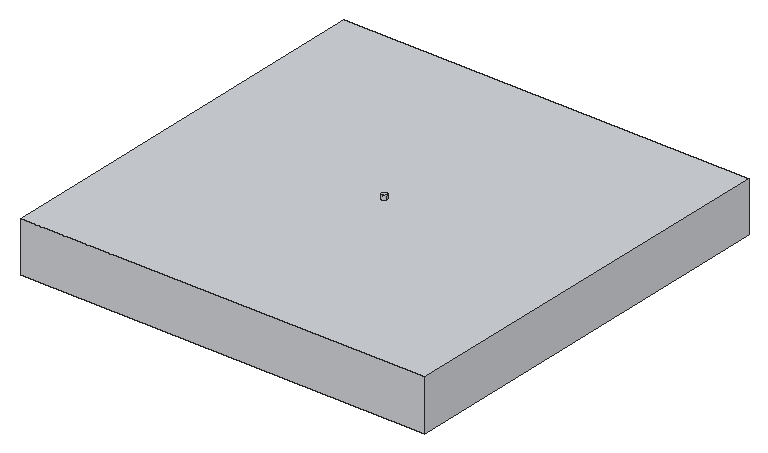
Revit family "M_Conector de tubulação - Outro - Peças hidrossanitárias", category Peças hidrossanitárias, Revit 2019
Family settings
  Hospedeiro = Face
  Cota do conector redondo = Usar raio
  Tipo de parte = Normal
  Número OmniClass = 23.45.00.00
  Título OmniClass = Sanitary, Laundry, and Cleaning Equipment
  ID de item do Seek = Pipe Connector - Other - Plumbing Fixtures-0000-CAN-ENU
  Corte com vazios quando carregada = Não
  Compartilhado = Não
  Ponto de cálculo do ambiente = Não
Parameters (values of type "Padrão")
  WFU = 0
  Raio nominal [instance] = 15 mm
  Diâmetro nominal [instance] = Raio nominal * 2  # 30 mm
  Espessura [instance] = 25.4 mm
  HWFU = 0
  Fluxo [instance] = 0.63 L/s
  Default Elevation = 0 mm
  CWFU = 0
Reference planes
  plane 1 "Centro (Frente/Trás)": y = 0
  plane 2: z = 0
  plane 3 "Centro (Esquerda/Direita)": x = 0
  plane 4: z = 25.4
Forms (mm)
  Extrusion 1, solid
    sketch origin (0, 0, 0) x (1, 0, 0) y (0, 1, 0)
      loop
        line (-1219.2, 1219.2) -> (-1219.2, -1219.2) -> (1219.2, -1219.2) -> (1219.2, 1219.2) -> (-1219.2, 1219.2)
    from 0 to -304.8
  Extrusion 2, solid
    sketch origin (0, 0, 0) x (1, 0, 0) y (0, 1, 0)
      loop
        circle (0, 0) r 15
    from 0 to 25.4
Dimensions and locks
  "Espessura": plane 4 to plane 2
  "Raio nominal": radius of Extrusion 2 sketch curve
  aligned and locked: plane 2 to Extrusion 1
  aligned and locked: level to Extrusion 1
  aligned and locked: plane 1 "Centro (Frente/Trás)" to Extrusion 2 sketch curve
  aligned and locked: plane 4 to Extrusion 2
Automatic sketch dimensions
  Extrusion 1 sketch curve to Extrusion 1 sketch curve = 2438.4 mm  (x2)
  Extrusion 2 sketch curve to plane 3 "Centro (Esquerda/Direita)" = 0 mm
Connectors
  piping at (0, 0, 25.4), diameter 30, driven by "Raio nominal", driven by "WFU", driven by "Fluxo"
    settings: on Extrusion 2, index 1, connector inside diameter 30 mm, connector length 0 mm, flow factor 0, pipe flow 0.63 L/s, pressure drop 0.0 Pa, fitting loss kfactor 0, connector angle 0.00°, fixture units 0, engagement length 0 mm, angle of deflection 0.00°, flow configuration 1, flow direction 1, fitting loss method 0, system type 22, joint type 0, gender type 0, connector reference index -1, connector utility 0, adjustable connector no, is connector primary yes, connector description ""
